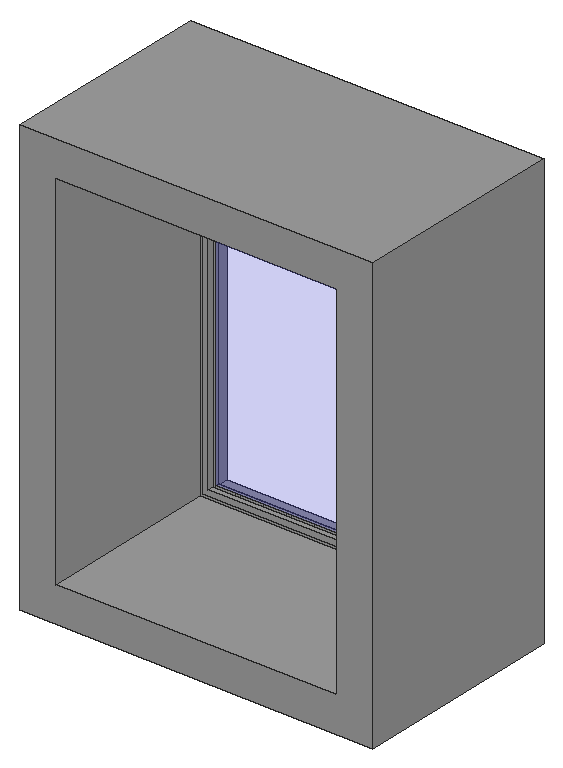
Revit family
Parameters
  spessore scatolare cls [instance] = 150 mm
  Spessore_scatolare_cls = 150 mm
  Spessore vetro = 15 mm
  Profondità_cls = 910 mm
  Profondità cls [instance] = 910 mm
  Materiale maniglia [instance] = none
  Maniglia [instance] = yes
  Larghezza_cls = 1500 mm
  Height = 1850 mm
  Altezza di default del davanzale = 850 mm
  Wall Closure = (empty or 0)
  Width = 1500 mm
  Aggetto_interno_scatolare_cls = 100 mm
  Aggetto interno scatolare cls [instance] = 100 mm
  Aggetto esterno scatolare cls [instance] = 190 mm
Reference planes
  plane 1 "Centro (Fronte/Retro)": y = 0
  plane 2 "Centro (Sinistra/Destra)": x = 0
  plane 3 "Sinistra": x = -750
  plane 4 "Destra": x = 750
  plane 5 "Davanzale": z = 850
  plane 6 "Estremità": z = 2700
  plane 7 "Esterno": y = 100
  plane 8 "Interno": y = -100
  plane 9: y = 200
  plane 10: y = -710
  plane 11: x = 600
  plane 12: z = 2550
  plane 13: x = -600
  plane 14: z = 1000
  plane 15: y = 60
  plane 16: x = -680
  plane 17: x = -610
  plane 18: y = 80
  plane 19: z = 1800
Forms (mm)
  Extrusion 1, solid, material "calcestruzzo prefabbricato"
    sketch origin (0, 100, 0) x (1, 0, 0) y (0, 0, 1)
      loop
        line (750, 2700) -> (-750, 2700) -> (-750, 850) -> (750, 850) -> (750, 2700)
      loop
        line (600, 2550) -> (-600, 2550) -> (-600, 1000) -> (600, 1000) -> (600, 2550)
    from -100 to 810
  Sweep 2, void
    path in 3D
      loop
        line (-590, 100, 1010) -> (590, 100, 1010) -> (590, 100, 2540) -> (-590, 100, 2540) -> (-590, 100, 1010)
    profile "profilo annegato : profilo annegato" origin (-590, 100, 1775) x (1, 0, 0) y (0, -1, 0)
      loop
        line (-80, 40) -> (-80, 0) -> (-10, 0) -> (-10, 20) -> (0, 20) -> (0, 40) -> (-80, 40)
  Sweep 3, solid, material "Alluminio"
    path in 3D
      loop
        line (590, 100, 1010) -> (590, 100, 2540) -> (-590, 100, 2540) -> (-590, 100, 1010) -> (590, 100, 1010)
    profile "montante : 1 mattone" origin (0, 100, 1010) x (0, 0, 1) y (0, -1, 0)
      loop
        line (35, 15) -> (25, 15) -> (25, 40) -> (0, 40) -> (0, 20) -> (-10, 20) -> (-10, 0) -> (35, 0) -> (35, 15)
  Extrusion 4, solid, material "Vetro"
    sketch origin (-555, 85, 1045) x (1, 0, 0) y (0, 1, 0)
      loop
        line (0, 15) -> (0, 0) -> (1110, 0) -> (1110, 15) -> (0, 15)
    from 0 to 1460
Cuts and joins
  Sweep 2 cuts Extrusion 1
Lines and regions (mm)
  Opening 1
    outline origin (3500, -100, 0) x (1, 0, 0) y (0, 0, 1)
      loop
        line (-2750, 850) -> (-2750, 2700) -> (-4250, 2700) -> (-4250, 850) -> (-2750, 850)
  model lines
    curve 1: line (680, 100, 920) -> (680, 100, 2630)
    curve 2: line (-680, 100, 920) -> (680, 100, 920)
    curve 3: line (680, 100, 2630) -> (-680, 100, 2630)
    curve 4: line (590, 100, 2540) -> (-590, 100, 2540)
    curve 5: line (590, 100, 1010) -> (590, 100, 2540)
    curve 6: line (-590, 100, 2540) -> (-590, 100, 1010)
    curve 7: line (-590, 100, 1010) -> (590, 100, 1010)
  sketch lines
    curve 8: line (-590, 100, 2540) -> (-590, 100, 1010)
    curve 9: line (590, 100, 2540) -> (-590, 100, 2540)
    curve 10: line (590, 100, 1010) -> (590, 100, 2540)
    curve 11: line (-590, 100, 1010) -> (590, 100, 1010)
    curve 12: line (-590, 100, 1010) -> (590, 100, 1010)
    curve 13: line (-590, 100, 2540) -> (-590, 100, 1010)
    curve 14: line (590, 100, 2540) -> (-590, 100, 2540)
    curve 15: line (590, 100, 1010) -> (590, 100, 2540)
Text (mm)
  text "Esterno" at (-1963.203, 1332.353, 0), in view "Livello rif."
  text "Interno" at (-1981.466, -818.386, 0), in view "Livello rif."
  text "Esterno" at (0, 923.751, 2943.296), in view "Destra"
  text "Esterno" at (0, 1040.484, 2685.409), in view "Sinistra"
Dimensions and locks
  equal spacing: plane 3 "Sinistra", plane 2 "Centro (Sinistra/Destra)", plane 4 "Destra"
  "Larghezza_cls": plane 3 "Sinistra" to plane 4 "Destra"
  "Height": plane 5 "Davanzale" to plane 6 "Estremità"
  "Altezza di default del davanzale": plane 5 "Davanzale" to level
  locked: plane 7 "Esterno" to host wall at 0
  locked: plane 8 "Interno" to host wall
  "Aggetto_interno_scatolare_cls": plane 7 "Esterno" to plane 9
  "Spessore_scatolare_cls": plane 12 to plane 6 "Estremità"
  "Spessore_scatolare_cls": plane 3 "Sinistra" to plane 13
  "Spessore_scatolare_cls": plane 11 to plane 4 "Destra"
  "Spessore_scatolare_cls": plane 5 "Davanzale" to plane 14
  "Profondità_cls": plane 9 to plane 10
  "Spessore vetro": Sweep 3 to Extrusion 4 sketch curve
  aligned and locked: Extrusion 4 to Sweep 3
  aligned and locked: Sweep 3 to Extrusion 4  (x2)
Automatic sketch dimensions
  Opening 1 sketch curve to plane 3 "Sinistra" = 0 mm
  Opening 1 sketch curve to plane 4 "Destra" = 0 mm
  Opening 1 sketch curve to plane 5 "Davanzale" = 0 mm
  Opening 1 sketch curve to plane 6 "Estremità" = 0 mm
  Extrusion 1 sketch curve to plane 3 "Sinistra" = 0 mm
  Extrusion 1 sketch curve to plane 13 = 0 mm
  Extrusion 1 sketch curve to plane 11 = 0 mm
  Extrusion 1 sketch curve to plane 4 "Destra" = 0 mm
  Extrusion 1 sketch curve to plane 5 "Davanzale" = 0 mm
  Extrusion 1 sketch curve to plane 14 = 0 mm
  Extrusion 1 sketch curve to plane 12 = 0 mm
  Extrusion 1 sketch curve to plane 6 "Estremità" = 0 mm
  plane 4 "Destra" to curve 1 = 70 mm
  curve 4 to plane 12 = 10 mm
  plane 6 "Estremità" to curve 3 = 70 mm
  curve 7 to plane 13 = 10 mm
  plane 14 to curve 7 = 10 mm
  plane 11 to curve 4 = 10 mm
  curve 2 to plane 16 = 0 mm
  curve 3 to plane 16 = 0 mm
  curve 1 to plane 5 "Davanzale" = 70 mm
  Extrusion 4 sketch curve to Sweep 3 = 0 mm  (x3)
